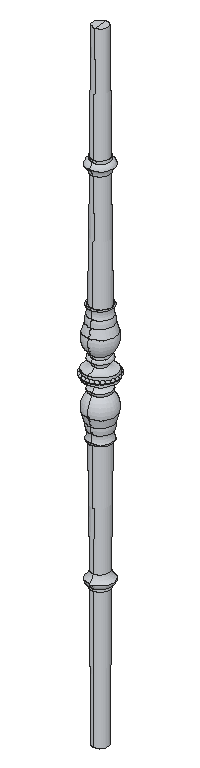
Revit family "334L", category Balusters, Revit 2023 (continued)
Automatic sketch dimensions
  curve 109 to plane 3 "Center (Left/Right)" = 0' - 0.11187"
  curve 79 to plane 3 "Center (Left/Right)" = 0' - 0.11187"
  curve 101 to plane 3 "Center (Left/Right)" = 0' - 0.12956"
  curve 71 to plane 3 "Center (Left/Right)" = 0' - 0.12956"
  curve 108 to curve 104 = 0' - 0"
  curve 78 to curve 74 = 0' - 0"
  curve 102 to curve 101 = 0' - 0.09774"
  curve 72 to curve 71 = 0' - 0.09774"
  curve 108 to curve 99 = 0' - 0.02116"
  curve 78 to curve 69 = 0' - 0.02116"
  curve 68 to curve 67 = 0' - 0.00127"
  curve 98 to curve 96 = 0' - 0.00127"
  curve 99 to curve 102 = 0' - 0.27975"
  curve 69 to curve 72 = 0' - 0.27975"
  curve 75 to curve 82 = 0' - 0.04562"
  curve 105 to curve 112 = 0' - 0.04562"
  curve 73 to curve 82 = 0' - 0.07324"
  curve 107 to curve 112 = 0' - 0.07324"
  curve 71 to curve 91 = 0' - 0.20641"
  curve 100 to curve 121 = 0' - 0.20641"
  curve 95 to curve 95 = 0' - 0.02003"
  curve 65 to curve 65 = 0' - 0.02003"
  curve 78 to curve 68 = 0' - 0.20265"
  curve 108 to curve 98 = 0' - 0.20265"
  curve 72 to curve 70 = 0' - 0.03982"
  curve 102 to curve 100 = 0' - 0.03982"
  curve 77 to curve 72 = 0' - 0.06116"
  curve 107 to curve 102 = 0' - 0.06116"
  curve 106 to curve 105 = 0' - 0.04723"
  curve 76 to curve 75 = 0' - 0.04723"
  curve 117 to curve 107 = 0' - 0.04843"
  curve 87 to curve 77 = 0' - 0.04843"
  curve 119 to curve 117 = 0' - 0"
  curve 89 to curve 87 = 0' - 0"
  curve 89 to curve 88 = 0' - 0.00316"
  curve 119 to curve 118 = 0' - 0.00316"
  plane 3 "Center (Left/Right)" to curve 120 = 0' - 0.083"
  plane 3 "Center (Left/Right)" to curve 90 = 0' - 0.083"
  plane 3 "Center (Left/Right)" to curve 124 = 0' - 0.11187"
  plane 3 "Center (Left/Right)" to curve 94 = 0' - 0.11187"
  plane 3 "Center (Left/Right)" to curve 116 = 0' - 0.12956"
  plane 3 "Center (Left/Right)" to curve 86 = 0' - 0.12956"
  curve 123 to curve 119 = 0' - 0"
  curve 93 to curve 89 = 0' - 0"
  curve 86 to curve 87 = 0' - 0.09774"
  curve 116 to curve 117 = 0' - 0.09774"
  curve 84 to curve 93 = 0' - 0.02116"
  curve 114 to curve 123 = 0' - 0.02116"
  curve 82 to curve 83 = 0' - 0.00127"
  curve 111 to curve 113 = 0' - 0.00127"
  curve 87 to curve 84 = 0' - 0.27975"
  curve 117 to curve 114 = 0' - 0.27975"
  curve 67 to curve 90 = 0' - 0.04562"
  curve 97 to curve 121 = 0' - 0.04562"
  curve 97 to curve 122 = 0' - 0.07324"
  curve 67 to curve 88 = 0' - 0.07324"
  curve 106 to curve 115 = 0' - 0.20641"
  curve 76 to curve 86 = 0' - 0.20641"
  curve 80 to curve 80 = 0' - 0.02003"
  curve 110 to curve 110 = 0' - 0.02003"
  curve 83 to curve 93 = 0' - 0.20265"
  curve 113 to curve 123 = 0' - 0.20265"
  curve 85 to curve 87 = 0' - 0.03982"
  curve 115 to curve 117 = 0' - 0.03982"
  curve 87 to curve 92 = 0' - 0.06116"
  curve 117 to curve 122 = 0' - 0.06116"
  curve 120 to curve 121 = 0' - 0.04723"
  curve 90 to curve 91 = 0' - 0.04723"
  curve 123 to curve 114 = 0' - 0.0219"
  curve 108 to curve 99 = 0' - 0.0219"
  curve 111 to curve 113 = 0' - 0.0022"
  curve 96 to curve 98 = 0' - 0.0022"
  curve 69 to curve 72 = 0' - 0"
  curve 84 to curve 87 = 0' - 0"
  curve 68 to curve 78 = 0' - 0.03491"
  curve 83 to curve 93 = 0' - 0.03491"
  curve 68 to curve 69 = 0' - 1.4858"
  curve 69 to curve 89 = 0' - 2.05045"
  curve 88 to curve 68 = 0' - 0.09709"
  plane 7 "Void 1" to curve 89 = 0' - 1.88794"
  curve 68 to curve 69 = 0' - 0.62714"
